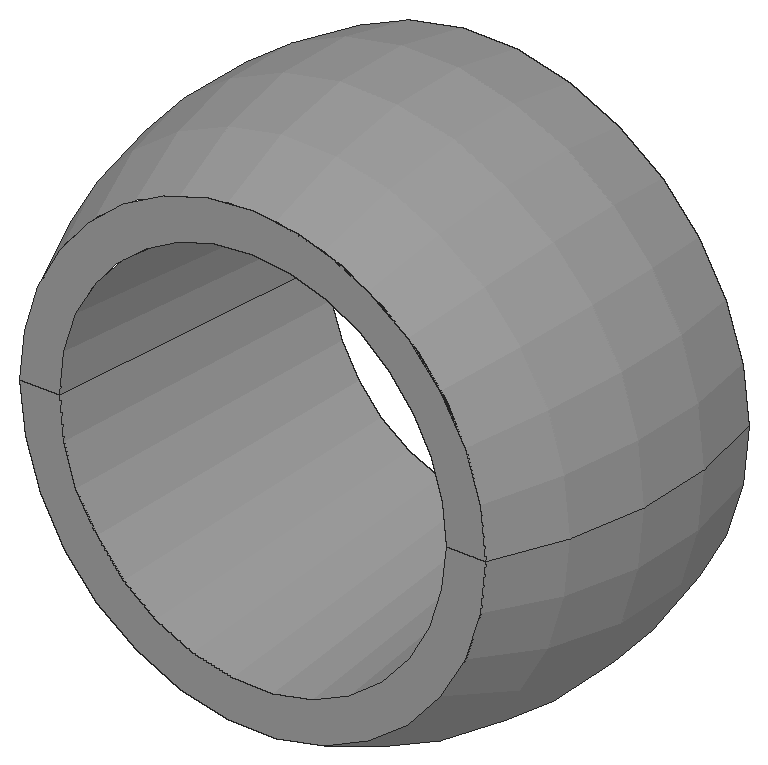
Revit family "VK018", category Sprinklers, Revit 2012
Parameters
  URL = "http://www.vikinggroupinc.com/databook/sprinklers/standard/sr/stcov/072198.pdf"
  Model = "VK018"
  Manufacturer = "Viking"
  K-Factor = 4.2
Reference planes (in)
  plane 1 "Center (Front/Back)": y = 0
  plane 2: z = 0
  plane 3 "Center (Left/Right)": x = 0
  plane 4 "Threads": y = -0.53069
Forms (in)
  Revolve 1, solid, material "Default"
    sketch origin (0, 0, 0) x (1, 0, 0) y (0, 1, 0)
      loop
        arc (-0.39947, -0.44535) -> (-0.42658, -0.67837) -> (-0.35954, -0.90317) r 0.5823
        line (-0.35954, -0.90317) -> (-0.29908, -0.90317) -> (-0.25096, -0.44535) -> (-0.39947, -0.44535)
      axis (0, -0.44535) -> (0, -0.90317)
    angle from 0 to 360
Dimensions and locks (in)
  aligned and locked: plane 2 to level
Connectors (in)
  piping at (0, -0.53069, 0)
    settings: index 1, connector radius 1", flow factor 0, pipe flow 0 GPM, pressure drop 0.00 psi, fitting loss kfactor 0, connector angle 0.00°, fixture units 0, engagement length 0' - 0", flow configuration 0, flow direction 0, fitting loss method 0, system type 7, joint type 0, gender type 0, connector reference index -1, connector utility 0, adjustable connector no, is connector primary yes, fitting loss table "", connector description ""
